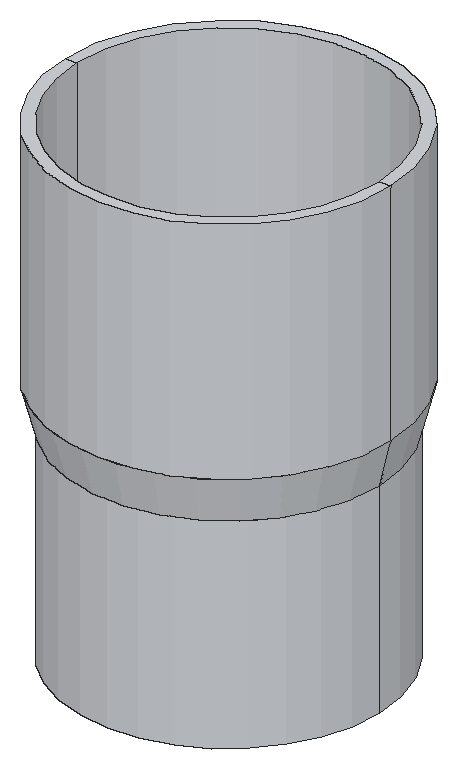
Revit family "FA4G", category Generic Models, Revit 2017
Family settings
  Can host rebar = No
  Round Connector Dimension = Use Diameter
  Part Type = Normal
  Work Plane-Based = Yes
  Always vertical = No
  Cut with Voids When Loaded = No
  Shared = No
  Room Calculation Point = No
Parameters (values of type "NBS Standard Parameters")
  Weight = "0.0493Kg"
  WarrantyStartDate [instance] = "1900-12-31T23:59:59"
  WarrantyGuarantorParts = "n/a"
  WarrantyGuarantorLabor = "n/a"
  WarrantyDurationUnit = "1 year"
  WarrantyDurationParts = "n/a"
  WarrantyDurationLabor = "n/a"
  WarrantyDescription = "n/a"
  Version = "1"
  Uniclass2 = "Pr_65_70_11_20"
  TagNumber [instance] = "n/a"
  SustainabilityPerformance = "n/a"
  Size = "1\" ( Male)"
  Shape = "Circular"
  SerialNumber [instance] = "n/a"
  Revision = "n/a"
  ReplacementCost = "n/a"
  ProductInformation = "www.metpro.co.uk/pdf/FA4G.pdf"
  NominalWidth = 28 mm
  NominalLength = 28 mm
  NominalHeight = 42 mm
  Name = ""
  NBSTypeID = ""
  NBSReference = "90-55-10/460"
  NBSOfficeMasterTag = ""
  NBSNote = ""
  NBSDescription = "Conduit Fittings"
  NBSCertification = ""
  ModelReference = "FA4G"
  ModelNumber = "n/a"
  Material = "Steel"
  ManufacturerURL = "www.metpro.co.uk"
  ManufacturerName = "Metpro Ltd"
  Manufacturer = "Compliant to LU standard 1-085"
  InstallationDate [instance] = "1900-12-31T23:59:59"
  IfcExportType = ""
  IfcExportAs = ""
  Grade = "n/a"
  Finish = "Galvanised"
  Features = "n/a"
  ExpectedLife = "n/a"
  DurationUnit = "year"
  Description = "FA4G 1\"(Male)-25mm(Female) conduit Adaptor"
  Default Elevation = 1219.2 mm
  Constituents = "n/a"
  Color = "n/a"
  CodePerformance = "n/a"
  Category = "n/a"
  BarCode [instance] = "n/a"
  BIMObjectName = "Metpro_metprolibrary_conduitfittings_metalcomponent_steelaccessories"
  Author = "Metpro Limited"
  AssetType = ""
  AssetIdentifier [instance] = "n/a"
  AccessibilityPerformance = "n/a"
Reference planes
  plane 1 "Center (Front/Back)": y = 0
  plane 2: z = 0
  plane 3 "Center (Left/Right)": x = 0
Forms (mm)
  Revolve 1, solid
    sketch origin (-11.449, -14.963, 29.193) x (0, 0, -1) y (1, 0, 0)
      loop
        line (-13.226, -4.348) -> (-13.226, -5.381) -> (6.774, -5.381) -> (10.262, -6.315) -> (28.774, -6.315) -> (28.774, -5.381) -> (10.783, -5.381) -> (6.929, -4.348) -> (-13.226, -4.348)
      axis (-13.226, -18.702) -> (28.774, -18.702)
    angle from 0 to 360
Dimensions and locks
  aligned and locked: level to plane 2
  aligned and locked: Revolve 1 sketch curve to Revolve 1 sketch curve
